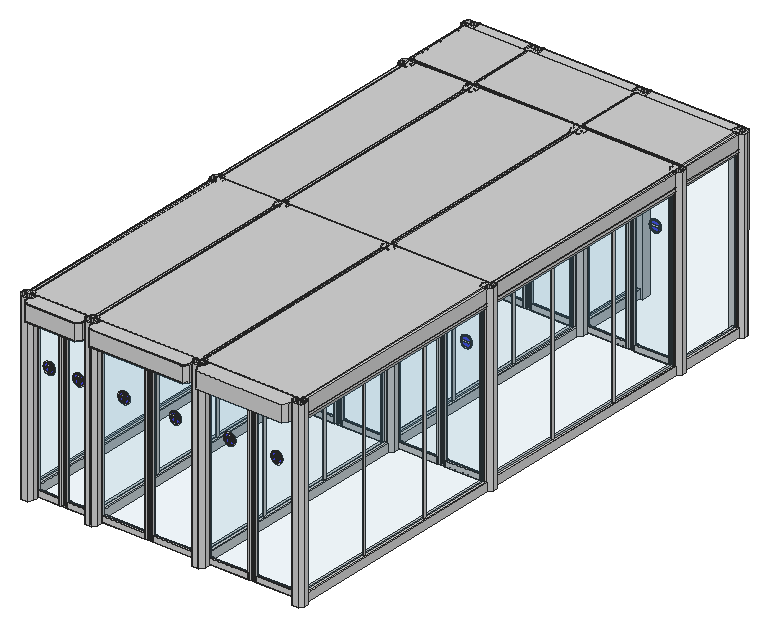
Revit family "assa_abloy_security_el_triple", category Doors, Revit 2026 (continued)
Dimensions and locks
  aligned and locked: nested 3 to plane 12
  aligned and locked: plane 4 "Top" to Sweep 2
  aligned and locked: plane 4 "Top" to cut or joined group of Sweep 11, Sweep 12, Extrusion 13  (x2)
  aligned and locked: Extrusion 15 sketch curve to nested 3
  aligned and locked: Extrusion 15 sketch curve to plane 8 "Center"
  aligned and locked: Extrusion 15 sketch curve to plane 26
  aligned and locked: Extrusion 25 sketch curve to Sweep 18  (x2)
  aligned and locked: plane 25 to Sweep 2  (x2)
  aligned and locked: nested 5 to plane 45
  aligned and locked: nested 4 to plane 46
  aligned and locked: Extrusion 19 to plane 40
  aligned and locked: plane 39 to Extrusion 19
  aligned and locked: plane 33 to Sweep 18
  aligned and locked: plane 24 to Sweep 22 sketch curve
  aligned and locked: plane 25 to Sweep 22 sketch curve
  aligned and locked: plane 33 to Sweep 22 sketch curve
  aligned and locked: plane 25 to Sweep 23 sketch curve
  aligned and locked: plane 33 to Sweep 23 sketch curve
  aligned and locked: plane 24 to Sweep 23 sketch curve
  aligned and locked: Extrusion 24 sketch curve to plane 8 "Center"
  aligned and locked: Extrusion 24 sketch curve to plane 4 "Top"
  aligned and locked: plane 44 to Extrusion 24 sketch curve
  aligned and locked: Extrusion 19 sketch curve to plane 40  (x3)
  aligned and locked: Extrusion 19 sketch curve to plane 39  (x3)
  aligned and locked: plane 25 to Extrusion 19 sketch curve
  aligned and locked: Extrusion 19 sketch curve to plane 20
  aligned and locked: Extrusion 19 sketch curve to plane 21
  aligned and locked: Extrusion 19 sketch curve to plane 22
  aligned and locked: Extrusion 19 sketch curve to plane 23
  aligned and locked: plane 17 to Extrusion 19 sketch curve
  aligned and locked: plane 40 to Extrusion 24
  aligned and locked: plane 14 to Extrusion 24
  aligned and locked: Extrusion 25 sketch curve to plane 32
  aligned and locked: plane 25 to Extrusion 25 sketch curve
  aligned and locked: Extrusion 25 sketch curve to plane 25
  aligned and locked: curve 170 to plane 47
  aligned and locked: Sweep 21 to plane 39  (x2)
  aligned and locked: Sweep 20 to plane 39
  aligned and locked: plane 40 to Extrusion 27 sketch curve
  aligned and locked: Extrusion 28 sketch curve to plane 48
  aligned and locked: Extrusion 26 sketch curve to plane 49
  aligned and locked: Extrusion 26 sketch curve to plane 50
  aligned and locked: plane 14 to Extrusion 27 sketch curve
  aligned and locked: Extrusion 28 sketch curve to plane 51
  aligned and locked: Sweep 29 to plane 38
  aligned and locked: nested 6 to plane 53
  aligned and locked: nested 7 to plane 52
  aligned and locked: plane 44 to Extrusion 35 sketch curve
  aligned and locked: Extrusion 35 sketch curve to plane 4 "Top"
  aligned and locked: Extrusion 35 sketch curve to plane 8 "Center"
  aligned and locked: cut or joined group of Sweep 11, Sweep 12, Extrusion 13 to plane 8 "Center"
  aligned and locked: plane 43 to Extrusion 35
  aligned and locked: Extrusion 35 to plane 39
  aligned and locked: Extrusion 14 sketch curve to Sweep 9
  aligned and locked: curve 171 to plane 47
  aligned and locked: plane 43 to Extrusion 38
  aligned and locked: Extrusion 38 to plane 39
  aligned and locked: plane 57 to Extrusion 36 sketch curve
  aligned and locked: plane 58 to Extrusion 38
  aligned and locked: plane 43 to Extrusion 37 sketch curve
  aligned and locked: Extrusion 37 sketch curve to plane 58
  aligned and locked: Extrusion 39 sketch curve to plane 62
  aligned and locked: Extrusion 39 sketch curve to plane 61
  aligned and locked: Extrusion 17 to plane 5 "PH"
  aligned and locked: plane 4 "Top" to Extrusion 15
  aligned and locked: Extrusion 25 to plane 5 "PH"
  aligned and locked: Extrusion 36 to plane 5 "PH"
  aligned and locked: Extrusion 24 to plane 4 "Top"
  aligned and locked: Extrusion 35 to plane 4 "Top"
  aligned and locked: plane 28 to Sweep 7
  aligned and locked: plane 28 to Sweep 5
  aligned and locked: Sweep 23 to plane 28
  aligned and locked: Sweep 34 to plane 28
  aligned and locked: Extrusion 26 to plane 4 "Top"
  aligned and locked: Extrusion 37 to plane 4 "Top"
  aligned and locked: plane 28 to Extrusion 30
  aligned and locked: plane 28 to Extrusion 19
  aligned and locked: Extrusion 28 to plane 5 "PH"
  aligned and locked: Extrusion 39 to plane 5 "PH"
  aligned and locked: plane 63 to Extrusion 17
  aligned and locked: plane 63 to Extrusion 28
  aligned and locked: plane 63 to Extrusion 39
  aligned and locked: Extrusion 15 to plane 64
  aligned and locked: Extrusion 26 to plane 64
  aligned and locked: Extrusion 37 to plane 64
  aligned and locked: Extrusion 27 to plane 5 "PH"
  aligned and locked: plane 4 "Top" to Extrusion 27
Automatic sketch dimensions
  Sweep 1 sketch curve to plane 4 "Top" = 0.00 mm
  plane 7 to Sweep 1 sketch curve = 0.00 mm
  Sweep 1 sketch curve to level = 0.00 mm
  Sweep 1 sketch curve to profile plane = 0.00 mm
  profile plane to Sweep 1 sketch curve = 2.30 mm
  profile plane to Sweep 1 sketch curve = 19.90 mm
  profile plane to Sweep 1 sketch curve = 36.52 mm
  Sweep 1 sketch curve to Sweep 1 sketch curve = 0.946 mm
  Sweep 1 sketch curve to Sweep 1 sketch curve = 22.75 mm
  Sweep 1 sketch curve to plane 8 "Center" = 17.45 mm
  profile plane to Sweep 1 sketch curve = 43.296 mm
  Sweep 1 sketch curve to Sweep 1 sketch curve = 16.93 mm
  Sweep 1 sketch curve to Sweep 1 sketch curve = 10.70 mm  (x2)
  Sweep 1 sketch curve to Sweep 1 sketch curve = 5.40 mm  (x2)
  Sweep 1 sketch curve to Sweep 1 sketch curve = 1.60 mm  (x2)
  Sweep 1 sketch curve to Sweep 1 sketch curve = 37.00 mm
  Sweep 1 sketch curve to Sweep 1 sketch curve = 5.00 mm  (x5)
  Sweep 1 sketch curve to Sweep 1 sketch curve = 8.50 mm
  Sweep 1 sketch curve to plane 8 "Center" = 7.95 mm
  Sweep 1 sketch curve to Sweep 1 sketch curve = 59.304 mm
  Sweep 1 sketch curve to Sweep 1 sketch curve = 3.40 mm
  Sweep 1 sketch curve to Sweep 1 sketch curve = 19.05 mm
  Sweep 1 sketch curve to Sweep 1 sketch curve = 20.752 mm
  Sweep 1 sketch curve to Sweep 1 sketch curve = 16.185 mm
  Sweep 1 sketch curve to Sweep 1 sketch curve = 0.746 mm
  Sweep 1 sketch curve to Sweep 1 sketch curve = 3.182 mm
  Sweep 1 sketch curve to Sweep 1 sketch curve = 22.95 mm
  Sweep 1 sketch curve to Sweep 1 sketch curve = 17.40 mm  (x2)
  plane 8 "Center" to Sweep 1 sketch curve = 20.298 mm
  Sweep 1 sketch curve to Sweep 1 sketch curve = 2.50 mm
  Sweep 1 sketch curve to Sweep 1 sketch curve = 2.79 mm
  plane 8 "Center" to Sweep 1 sketch curve = 20.296 mm
  Sweep 1 sketch curve to Sweep 1 sketch curve = 1.028 mm
  Sweep 1 sketch curve to Sweep 1 sketch curve = 17.674 mm
  Sweep 1 sketch curve to Sweep 1 sketch curve = 23.704 mm
  Sweep 1 sketch curve to Sweep 1 sketch curve = 9.50 mm  (x2)
  Sweep 1 sketch curve to Sweep 1 sketch curve = 21.303 mm  (x2)
  Sweep 1 sketch curve to Sweep 1 sketch curve = 1.754 mm  (x2)
  Sweep 1 sketch curve to Sweep 1 sketch curve = 1.746 mm  (x2)
  Sweep 1 sketch curve to Sweep 1 sketch curve = 36.56 mm
  Sweep 1 sketch curve to Sweep 1 sketch curve = 0.00 mm
  Sweep 1 sketch curve to Sweep 1 sketch curve = 13.70 mm  (x2)
  Sweep 1 sketch curve to Sweep 1 sketch curve = 8.103 mm  (x2)
  Sweep 1 sketch curve to Sweep 1 sketch curve = 15.00 mm
  Sweep 1 sketch curve to Sweep 1 sketch curve = 6.897 mm
  Sweep 2 sketch curve to plane 4 "Top" = 0.00 mm
  plane 6 to Sweep 2 sketch curve = 0.00 mm
  Sweep 2 sketch curve to level = 0.00 mm
  Extrusion 3 sketch curve to plane 11 = 0.00 mm  (x2)
  Extrusion 3 sketch curve to plane 12 = 0.00 mm  (x2)
  Extrusion 4 sketch curve to plane 13 = 0.00 mm  (x2)
  Extrusion 4 sketch curve to plane 14 = 0.00 mm  (x2)
  plane 19 to Sweep 5 sketch curve = 15.00 mm
  profile plane to Sweep 5 sketch curve = 88.45 mm
  Sweep 5 sketch curve to Sweep 5 sketch curve = 2.00 mm  (x3)
  plane 19 to Sweep 5 sketch curve = 1.00 mm
  Sweep 5 sketch curve to Sweep 5 sketch curve = 8.60 mm  (x2)
  Sweep 5 sketch curve to plane 19 = 1.00 mm
  Sweep 5 sketch curve to Sweep 5 sketch curve = 14.00 mm
  Sweep 5 sketch curve to Sweep 5 sketch curve = 0.00 mm  (x2)
  plane 18 to Sweep 6 sketch curve = 15.00 mm
  profile plane to Sweep 6 sketch curve = 88.45 mm
  Sweep 6 sketch curve to Sweep 6 sketch curve = 2.00 mm  (x3)
  plane 18 to Sweep 6 sketch curve = 1.00 mm
  Sweep 6 sketch curve to Sweep 6 sketch curve = 8.60 mm  (x2)
  Sweep 6 sketch curve to plane 18 = 1.00 mm
  Sweep 6 sketch curve to Sweep 6 sketch curve = 14.00 mm
  Sweep 6 sketch curve to Sweep 6 sketch curve = 0.00 mm  (x2)
  plane 19 to Sweep 7 sketch curve = 15.00 mm
  Sweep 7 sketch curve to profile plane = 75.85 mm
  Sweep 7 sketch curve to Sweep 7 sketch curve = 2.00 mm  (x3)
  plane 19 to Sweep 7 sketch curve = 1.00 mm
  Sweep 7 sketch curve to Sweep 7 sketch curve = 8.60 mm
  Sweep 7 sketch curve to Sweep 7 sketch curve = 0.00 mm  (x3)
  Sweep 7 sketch curve to plane 19 = 1.00 mm
  Sweep 7 sketch curve to Sweep 7 sketch curve = 14.00 mm
  plane 18 to Sweep 8 sketch curve = 15.00 mm
  Sweep 8 sketch curve to profile plane = 75.85 mm
  Sweep 8 sketch curve to Sweep 8 sketch curve = 2.00 mm  (x3)
  plane 18 to Sweep 8 sketch curve = 1.00 mm
  Sweep 8 sketch curve to Sweep 8 sketch curve = 8.60 mm
  Sweep 8 sketch curve to Sweep 8 sketch curve = 0.00 mm  (x3)
  Sweep 8 sketch curve to plane 18 = 1.00 mm
  Sweep 8 sketch curve to Sweep 8 sketch curve = 14.00 mm
  level to Sweep 9 sketch curve = 0.90 mm
  profile plane to Sweep 9 sketch curve = 124.65 mm
  Sweep 9 sketch curve to Sweep 9 sketch curve = 5.00 mm  (x2)
  Sweep 9 sketch curve to Sweep 9 sketch curve = 28.00 mm  (x2)
  Sweep 9 sketch curve to Sweep 9 sketch curve = 19.00 mm
  level to Sweep 9 sketch curve = 70.90 mm
  Sweep 9 sketch curve to Sweep 9 sketch curve = 35.00 mm  (x2)
  Sweep 10 sketch curve to plane 6 = 0.00 mm
  plane 24 to Sweep 10 sketch curve = 0.00 mm
  plane 25 to Sweep 10 sketch curve = 0.00 mm
  level to Sweep 10 sketch curve = 0.90 mm
  Sweep 10 sketch curve to profile plane = 39.65 mm
  Sweep 10 sketch curve to Sweep 10 sketch curve = 5.00 mm  (x2)
  Sweep 10 sketch curve to Sweep 10 sketch curve = 28.00 mm  (x2)
  Sweep 10 sketch curve to Sweep 10 sketch curve = 19.00 mm
  level to Sweep 10 sketch curve = 70.90 mm
  Sweep 10 sketch curve to Sweep 10 sketch curve = 35.00 mm  (x2)
  Sweep 11 sketch curve to plane 7 = 0.00 mm
  plane 25 to Sweep 11 sketch curve = 0.00 mm
  plane 24 to Sweep 11 sketch curve = 0.00 mm
  Sweep 11 sketch curve to Sweep 11 sketch curve = 0.00 mm  (x6)
  plane 5 "PH" to Sweep 11 sketch curve = 41.60 mm
  profile plane to Sweep 11 sketch curve = 121.15 mm
  Sweep 11 sketch curve to Sweep 11 sketch curve = 2.00 mm
  Sweep 11 sketch curve to Sweep 11 sketch curve = 3.00 mm  (x3)
  Sweep 11 sketch curve to Sweep 11 sketch curve = 3.50 mm
  Sweep 11 sketch curve to plane 5 "PH" = 28.70 mm
  Sweep 11 sketch curve to Sweep 11 sketch curve = 17.32 mm
  Sweep 11 sketch curve to Sweep 11 sketch curve = 11.68 mm  (x2)
  Sweep 11 sketch curve to Sweep 11 sketch curve = 14.00 mm
  Sweep 11 sketch curve to Sweep 11 sketch curve = 45.00 mm
  profile plane to Sweep 11 sketch curve = 46.15 mm
  plane 5 "PH" to Sweep 11 sketch curve = 1.30 mm  (x2)
  Sweep 11 sketch curve to Sweep 11 sketch curve = 20.82 mm
  Sweep 11 sketch curve to Sweep 11 sketch curve = 4.40 mm  (x3)
  Sweep 11 sketch curve to Sweep 11 sketch curve = 9.60 mm
  Sweep 11 sketch curve to Sweep 11 sketch curve = 1.00 mm
  Sweep 11 sketch curve to Sweep 11 sketch curve = 63.75 mm
  Sweep 11 sketch curve to Sweep 11 sketch curve = 37.00 mm
  Sweep 11 sketch curve to Sweep 11 sketch curve = 64.25 mm
  Sweep 12 sketch curve to plane 6 = 0.00 mm
  plane 25 to Sweep 12 sketch curve = 0.00 mm
  plane 24 to Sweep 12 sketch curve = 0.00 mm
  Sweep 12 sketch curve to Sweep 12 sketch curve = 0.00 mm  (x5)
  Sweep 12 sketch curve to profile plane = 43.15 mm
  Sweep 12 sketch curve to profile plane = 46.15 mm
  Sweep 12 sketch curve to plane 5 "PH" = 28.70 mm  (x2)
  Sweep 12 sketch curve to Sweep 12 sketch curve = 17.32 mm
  Sweep 12 sketch curve to profile plane = 71.15 mm
  Sweep 12 sketch curve to Sweep 12 sketch curve = 11.68 mm  (x2)
  Sweep 12 sketch curve to Sweep 12 sketch curve = 3.00 mm  (x2)
  Sweep 12 sketch curve to Sweep 12 sketch curve = 14.00 mm
  plane 5 "PH" to Sweep 12 sketch curve = 41.60 mm
  Sweep 12 sketch curve to Sweep 12 sketch curve = 26.50 mm
  Sweep 12 sketch curve to Sweep 12 sketch curve = 45.00 mm
  Sweep 12 sketch curve to Sweep 12 sketch curve = 3.50 mm
  Sweep 12 sketch curve to Sweep 12 sketch curve = 5.50 mm
  Sweep 12 sketch curve to Sweep 12 sketch curve = 2.00 mm
  Sweep 12 sketch curve to Sweep 12 sketch curve = 4.40 mm  (x2)
  Sweep 12 sketch curve to Sweep 12 sketch curve = 9.60 mm
  plane 5 "PH" to Sweep 12 sketch curve = 1.30 mm  (x2)
  Sweep 12 sketch curve to Sweep 12 sketch curve = 1.00 mm
  Sweep 12 sketch curve to Sweep 12 sketch curve = 63.75 mm
  Sweep 12 sketch curve to Sweep 12 sketch curve = 37.00 mm
  Sweep 12 sketch curve to Sweep 12 sketch curve = 64.25 mm
  plane 8 "Center" to Extrusion 14 sketch curve = 20.296 mm
  curve 1 to curve 14 = 8.103 mm
  curve 129 to curve 10 = 1.60 mm
  curve 18 to curve 168 = 3.13 mm
  curve 97 to curve 129 = 42.954 mm
  curve 169 to curve 1 = 3.13 mm
  curve 129 to curve 96 = 38.40 mm
  curve 98 to curve 130 = 0.00 mm
  curve 151 to curve 119 = 3.00 mm
  curve 99 to curve 103 = 5.40 mm
  curve 56 to curve 98 = 3.13 mm
  curve 130 to curve 100 = 42.954 mm
  curve 99 to curve 31 = 3.13 mm
  plane 11 to Extrusion 15 sketch curve = 1.875 mm
  Extrusion 15 sketch curve to plane 9 = 20.196 mm
  plane 29 to Extrusion 15 sketch curve = 1.875 mm
  plane 7 to Extrusion 15 sketch curve = 21.671 mm
  Extrusion 15 sketch curve to plane 30 = 15.421 mm
  Extrusion 15 sketch curve to plane 10 = 20.00 mm
  Extrusion 15 sketch curve to plane 31 = 0.024 mm
  plane 13 to Extrusion 15 sketch curve = 2.50 mm
  plane 31 to Extrusion 15 sketch curve = 5.601 mm
  plane 26 to Extrusion 16 sketch curve = 0.00 mm  (x2)
  plane 11 to Extrusion 16 sketch curve = 2.031 mm
  plane 7 to Extrusion 16 sketch curve = 20.371 mm
  plane 29 to Extrusion 16 sketch curve = 2.00 mm
  Extrusion 16 sketch curve to Extrusion 16 sketch curve = 0.828 mm  (x2)
  Extrusion 16 sketch curve to plane 30 = 15.05 mm
  Extrusion 16 sketch curve to Extrusion 16 sketch curve = 1.975 mm
  Extrusion 16 sketch curve to plane 31 = 0.599 mm
  plane 31 to Extrusion 16 sketch curve = 0.255 mm
  plane 31 to Extrusion 16 sketch curve = 4.301 mm
  Extrusion 16 sketch curve to Extrusion 16 sketch curve = 0.797 mm
  Extrusion 17 sketch curve to plane 9 = 14.602 mm
  Extrusion 17 sketch curve to plane 9 = 20.30 mm
  plane 11 to Extrusion 17 sketch curve = 10.00 mm
  plane 7 to Extrusion 17 sketch curve = 17.605 mm
  Extrusion 17 sketch curve to plane 30 = 16.561 mm
  Extrusion 17 sketch curve to plane 10 = 14.396 mm
  Extrusion 17 sketch curve to plane 10 = 20.093 mm
  plane 13 to Extrusion 17 sketch curve = 10.00 mm
  plane 31 to Extrusion 17 sketch curve = 1.741 mm
  plane 31 to Extrusion 17 sketch curve = 1.535 mm
  plane 29 to Extrusion 17 sketch curve = 10.00 mm
  plane 8 "Center" to Extrusion 17 sketch curve = 20.083 mm  (x2)
  Extrusion 17 sketch curve to Extrusion 17 sketch curve = 46.671 mm
  Extrusion 17 sketch curve to Extrusion 17 sketch curve = 48.341 mm
  Sweep 18 sketch curve to plane 4 "Top" = 0.00 mm
  Sweep 18 sketch curve to level = 0.00 mm
  plane 41 to Sweep 18 sketch curve = 979.00 mm
  Sweep 18 sketch curve to profile plane = 0.00 mm
  Sweep 18 sketch curve to profile plane = 2.30 mm
  Sweep 18 sketch curve to Sweep 18 sketch curve = 17.60 mm
  Sweep 18 sketch curve to profile plane = 36.52 mm
  Sweep 18 sketch curve to Sweep 18 sketch curve = 0.946 mm
  Sweep 18 sketch curve to Sweep 18 sketch curve = 22.75 mm
  Sweep 18 sketch curve to profile plane = 17.45 mm
  Sweep 18 sketch curve to profile plane = 43.296 mm
  Sweep 18 sketch curve to Sweep 18 sketch curve = 16.93 mm
  Sweep 18 sketch curve to Sweep 18 sketch curve = 10.70 mm  (x2)
  Sweep 18 sketch curve to Sweep 18 sketch curve = 5.40 mm
  Sweep 18 sketch curve to Sweep 18 sketch curve = 1.60 mm  (x2)
  Sweep 18 sketch curve to Sweep 18 sketch curve = 8.50 mm  (x2)
  Sweep 18 sketch curve to Sweep 18 sketch curve = 5.00 mm  (x5)
  Sweep 18 sketch curve to Sweep 18 sketch curve = 7.00 mm
  Sweep 18 sketch curve to profile plane = 7.95 mm
  Sweep 18 sketch curve to Sweep 18 sketch curve = 59.304 mm
  Sweep 18 sketch curve to Sweep 18 sketch curve = 3.40 mm
  Sweep 18 sketch curve to Sweep 18 sketch curve = 19.05 mm
  Sweep 18 sketch curve to Sweep 18 sketch curve = 20.752 mm
  Sweep 18 sketch curve to Sweep 18 sketch curve = 16.185 mm
  Sweep 18 sketch curve to Sweep 18 sketch curve = 0.746 mm
  Sweep 18 sketch curve to profile plane = 10.74 mm
  Sweep 18 sketch curve to Sweep 18 sketch curve = 3.182 mm
  Sweep 18 sketch curve to Sweep 18 sketch curve = 22.95 mm
  Sweep 18 sketch curve to Sweep 18 sketch curve = 17.40 mm  (x2)
  profile plane to Sweep 18 sketch curve = 21.326 mm
  Sweep 18 sketch curve to Sweep 18 sketch curve = 2.50 mm
  profile plane to Sweep 18 sketch curve = 20.296 mm
  Sweep 18 sketch curve to Sweep 18 sketch curve = 1.028 mm
  Sweep 18 sketch curve to Sweep 18 sketch curve = 17.674 mm
  Sweep 18 sketch curve to Sweep 18 sketch curve = 23.704 mm
  Sweep 18 sketch curve to Sweep 18 sketch curve = 9.50 mm  (x2)
  Sweep 18 sketch curve to Sweep 18 sketch curve = 21.303 mm  (x2)
  Sweep 18 sketch curve to Sweep 18 sketch curve = 1.754 mm  (x2)
  Sweep 18 sketch curve to Sweep 18 sketch curve = 1.746 mm  (x2)
  Sweep 18 sketch curve to Sweep 18 sketch curve = 36.56 mm
  Sweep 18 sketch curve to Sweep 18 sketch curve = 0.00 mm
  Sweep 18 sketch curve to Sweep 18 sketch curve = 13.70 mm  (x2)
  Sweep 18 sketch curve to Sweep 18 sketch curve = 8.103 mm  (x2)
  Sweep 18 sketch curve to Sweep 18 sketch curve = 15.00 mm
  Sweep 18 sketch curve to Sweep 18 sketch curve = 6.897 mm
  Sweep 20 sketch curve to plane 28 = 0.00 mm
  Sweep 20 sketch curve to plane 27 = 0.00 mm
  Sweep 20 sketch curve to plane 41 = 979.10 mm
  profile plane to Sweep 20 sketch curve = 15.00 mm
  Sweep 20 sketch curve to profile plane = 75.85 mm
  Sweep 20 sketch curve to Sweep 20 sketch curve = 2.00 mm  (x3)
  profile plane to Sweep 20 sketch curve = 1.00 mm
  Sweep 20 sketch curve to Sweep 20 sketch curve = 8.60 mm
  Sweep 20 sketch curve to Sweep 20 sketch curve = 0.00 mm  (x3)
  Sweep 20 sketch curve to profile plane = 1.00 mm
  Sweep 20 sketch curve to Sweep 20 sketch curve = 14.00 mm
  Sweep 21 sketch curve to plane 28 = 0.00 mm
  Sweep 21 sketch curve to plane 27 = 0.00 mm
  Sweep 21 sketch curve to plane 41 = 979.10 mm
  profile plane to Sweep 21 sketch curve = 15.00 mm
  Sweep 21 sketch curve to profile plane = 75.85 mm
  Sweep 21 sketch curve to Sweep 21 sketch curve = 2.00 mm  (x3)
  profile plane to Sweep 21 sketch curve = 1.00 mm
  Sweep 21 sketch curve to Sweep 21 sketch curve = 8.60 mm
  Sweep 21 sketch curve to Sweep 21 sketch curve = 0.00 mm  (x3)
  Sweep 21 sketch curve to profile plane = 1.00 mm
  Sweep 21 sketch curve to Sweep 21 sketch curve = 14.00 mm
  level to Sweep 22 sketch curve = 0.90 mm
  Sweep 22 sketch curve to profile plane = 39.65 mm
  Sweep 22 sketch curve to Sweep 22 sketch curve = 5.00 mm  (x2)
  Sweep 22 sketch curve to Sweep 22 sketch curve = 28.00 mm  (x2)
  Sweep 22 sketch curve to Sweep 22 sketch curve = 19.00 mm
  level to Sweep 22 sketch curve = 70.90 mm
  Sweep 22 sketch curve to Sweep 22 sketch curve = 35.00 mm  (x2)
  Sweep 23 sketch curve to Sweep 23 sketch curve = 0.00 mm  (x5)
  Sweep 23 sketch curve to profile plane = 43.15 mm
  Sweep 23 sketch curve to profile plane = 46.15 mm
  Sweep 23 sketch curve to plane 5 "PH" = 28.70 mm  (x2)
  Sweep 23 sketch curve to Sweep 23 sketch curve = 17.32 mm
  Sweep 23 sketch curve to profile plane = 71.15 mm
  Sweep 23 sketch curve to Sweep 23 sketch curve = 11.68 mm  (x2)
  Sweep 23 sketch curve to Sweep 23 sketch curve = 3.00 mm  (x2)
  Sweep 23 sketch curve to Sweep 23 sketch curve = 14.00 mm
  plane 5 "PH" to Sweep 23 sketch curve = 41.60 mm
  Sweep 23 sketch curve to Sweep 23 sketch curve = 26.50 mm
  Sweep 23 sketch curve to Sweep 23 sketch curve = 45.00 mm
  Sweep 23 sketch curve to Sweep 23 sketch curve = 3.50 mm
  Sweep 23 sketch curve to Sweep 23 sketch curve = 5.50 mm
  Sweep 23 sketch curve to Sweep 23 sketch curve = 2.00 mm
  Sweep 23 sketch curve to Sweep 23 sketch curve = 4.40 mm  (x2)
  Sweep 23 sketch curve to Sweep 23 sketch curve = 9.60 mm
  plane 5 "PH" to Sweep 23 sketch curve = 1.30 mm  (x2)
  Sweep 23 sketch curve to Sweep 23 sketch curve = 1.00 mm
  Sweep 23 sketch curve to Sweep 23 sketch curve = 63.75 mm
  Sweep 23 sketch curve to Sweep 23 sketch curve = 37.00 mm
  Sweep 23 sketch curve to Sweep 23 sketch curve = 64.25 mm
  Extrusion 25 sketch curve to Extrusion 25 sketch curve = 48.507 mm
  Extrusion 26 sketch curve to plane 26 = 180.989 mm
  Extrusion 26 sketch curve to plane 25 = 146.21 mm  (x2)
  Extrusion 26 sketch curve to Extrusion 26 sketch curve = 32.879 mm
  Extrusion 26 sketch curve to plane 31 = 92.245 mm
  Extrusion 26 sketch curve to Extrusion 26 sketch curve = 97.846 mm
  Extrusion 26 sketch curve to Extrusion 26 sketch curve = 59.771 mm
  Extrusion 26 sketch curve to plane 26 = 186.614 mm
  Extrusion 26 sketch curve to Extrusion 26 sketch curve = 92.221 mm
  Extrusion 26 sketch curve to Extrusion 26 sketch curve = 17.45 mm
  Extrusion 27 sketch curve to plane 26 = 182.089 mm
  Extrusion 27 sketch curve to plane 26 = 181.492 mm
  Extrusion 27 sketch curve to Extrusion 27 sketch curve = 2.231 mm
  Extrusion 27 sketch curve to plane 31 = 94.12 mm
  Extrusion 27 sketch curve to Extrusion 27 sketch curve = 96.39 mm
  Extrusion 27 sketch curve to plane 31 = 92.12 mm
  Extrusion 27 sketch curve to Extrusion 27 sketch curve = 0.828 mm  (x2)
  Extrusion 27 sketch curve to plane 25 = 146.21 mm  (x2)
  Extrusion 27 sketch curve to Extrusion 27 sketch curve = 92.375 mm
  Extrusion 27 sketch curve to Extrusion 27 sketch curve = 2.075 mm
  Extrusion 27 sketch curve to plane 26 = 187.089 mm
  Extrusion 27 sketch curve to Extrusion 27 sketch curve = 0.753 mm
  Extrusion 28 sketch curve to plane 26 = 185.056 mm
  Extrusion 28 sketch curve to plane 25 = 146.21 mm  (x2)
  Extrusion 28 sketch curve to Extrusion 28 sketch curve = 24.65 mm
  plane 25 to Extrusion 28 sketch curve = 0.00 mm
  Extrusion 28 sketch curve to Extrusion 28 sketch curve = 5.698 mm
  Extrusion 28 sketch curve to Extrusion 28 sketch curve = 43.40 mm
  Extrusion 28 sketch curve to plane 31 = 84.12 mm
  Extrusion 28 sketch curve to Extrusion 28 sketch curve = 85.655 mm
  Extrusion 28 sketch curve to plane 25 = 108.677 mm  (x2)
  Extrusion 28 sketch curve to Extrusion 28 sketch curve = 16.561 mm
  Extrusion 28 sketch curve to Extrusion 28 sketch curve = 38.746 mm
  Extrusion 28 sketch curve to Extrusion 28 sketch curve = 44.443 mm
  Extrusion 28 sketch curve to Extrusion 28 sketch curve = 24.857 mm
  Extrusion 28 sketch curve to plane 26 = 184.85 mm
  Extrusion 28 sketch curve to Extrusion 28 sketch curve = 46.671 mm
  Extrusion 28 sketch curve to Extrusion 28 sketch curve = 48.341 mm
  Sweep 29 sketch curve to plane 4 "Top" = 0.00 mm
  Sweep 29 sketch curve to level = 0.00 mm
  plane 41 to Sweep 29 sketch curve = 164.50 mm
  Sweep 29 sketch curve to profile plane = 0.00 mm
  Sweep 29 sketch curve to profile plane = 2.30 mm
  Sweep 29 sketch curve to Sweep 29 sketch curve = 17.60 mm
  Sweep 29 sketch curve to profile plane = 36.52 mm
  Sweep 29 sketch curve to Sweep 29 sketch curve = 0.946 mm
  Sweep 29 sketch curve to Sweep 29 sketch curve = 22.75 mm
  Sweep 29 sketch curve to profile plane = 17.45 mm
  Sweep 29 sketch curve to profile plane = 43.296 mm
  Sweep 29 sketch curve to Sweep 29 sketch curve = 16.93 mm
  Sweep 29 sketch curve to Sweep 29 sketch curve = 10.70 mm  (x2)
  Sweep 29 sketch curve to Sweep 29 sketch curve = 5.40 mm
  Sweep 29 sketch curve to Sweep 29 sketch curve = 1.60 mm  (x2)
  Sweep 29 sketch curve to Sweep 29 sketch curve = 8.50 mm  (x2)
  Sweep 29 sketch curve to Sweep 29 sketch curve = 5.00 mm  (x5)
  Sweep 29 sketch curve to Sweep 29 sketch curve = 7.00 mm
  Sweep 29 sketch curve to profile plane = 7.95 mm
  Sweep 29 sketch curve to Sweep 29 sketch curve = 59.304 mm
  Sweep 29 sketch curve to Sweep 29 sketch curve = 3.40 mm
  Sweep 29 sketch curve to Sweep 29 sketch curve = 19.05 mm
  Sweep 29 sketch curve to Sweep 29 sketch curve = 20.752 mm
  Sweep 29 sketch curve to Sweep 29 sketch curve = 16.185 mm
  Sweep 29 sketch curve to Sweep 29 sketch curve = 0.746 mm
  Sweep 29 sketch curve to profile plane = 10.74 mm
  Sweep 29 sketch curve to Sweep 29 sketch curve = 3.182 mm
  Sweep 29 sketch curve to Sweep 29 sketch curve = 22.95 mm
  Sweep 29 sketch curve to Sweep 29 sketch curve = 17.40 mm  (x2)
  profile plane to Sweep 29 sketch curve = 21.326 mm
  Sweep 29 sketch curve to Sweep 29 sketch curve = 2.50 mm
  profile plane to Sweep 29 sketch curve = 20.296 mm
  Sweep 29 sketch curve to Sweep 29 sketch curve = 1.028 mm
  Sweep 29 sketch curve to Sweep 29 sketch curve = 17.674 mm
  Sweep 29 sketch curve to Sweep 29 sketch curve = 23.704 mm
  Sweep 29 sketch curve to Sweep 29 sketch curve = 9.50 mm  (x2)
  Sweep 29 sketch curve to Sweep 29 sketch curve = 21.303 mm  (x2)
  Sweep 29 sketch curve to Sweep 29 sketch curve = 1.754 mm  (x2)
  Sweep 29 sketch curve to Sweep 29 sketch curve = 1.746 mm  (x2)
  Sweep 29 sketch curve to Sweep 29 sketch curve = 36.56 mm
  Sweep 29 sketch curve to Sweep 29 sketch curve = 0.00 mm
  Sweep 29 sketch curve to Sweep 29 sketch curve = 13.70 mm  (x2)
  Sweep 29 sketch curve to Sweep 29 sketch curve = 8.103 mm  (x2)
  Sweep 29 sketch curve to Sweep 29 sketch curve = 15.00 mm
  Sweep 29 sketch curve to Sweep 29 sketch curve = 6.897 mm
  plane 20 to Extrusion 30 sketch curve = 952.637 mm
  plane 41 to Extrusion 30 sketch curve = 86.45 mm
  plane 44 to Extrusion 30 sketch curve = 29.648 mm
  Extrusion 30 sketch curve to Extrusion 30 sketch curve = 0.00 mm  (x3)
  Extrusion 30 sketch curve to Extrusion 30 sketch curve = 8.20 mm  (x2)
  plane 24 to Extrusion 30 sketch curve = 944.537 mm
  Extrusion 30 sketch curve to Extrusion 30 sketch curve = 8.00 mm  (x2)
  plane 22 to Extrusion 30 sketch curve = 948.637 mm
  Sweep 31 sketch curve to plane 28 = 0.00 mm
  Sweep 31 sketch curve to plane 27 = 0.00 mm
  Sweep 31 sketch curve to plane 41 = 164.50 mm
  profile plane to Sweep 31 sketch curve = 15.00 mm
  Sweep 31 sketch curve to profile plane = 75.85 mm
  Sweep 31 sketch curve to Sweep 31 sketch curve = 2.00 mm  (x3)
  profile plane to Sweep 31 sketch curve = 1.00 mm
  Sweep 31 sketch curve to Sweep 31 sketch curve = 8.60 mm
  Sweep 31 sketch curve to Sweep 31 sketch curve = 0.00 mm  (x3)
  Sweep 31 sketch curve to profile plane = 1.00 mm
  Sweep 31 sketch curve to Sweep 31 sketch curve = 14.00 mm
  Sweep 32 sketch curve to plane 28 = 0.00 mm
  Sweep 32 sketch curve to plane 27 = 0.00 mm
  Sweep 32 sketch curve to plane 41 = 164.50 mm
  profile plane to Sweep 32 sketch curve = 15.00 mm
  Sweep 32 sketch curve to profile plane = 75.85 mm
  Sweep 32 sketch curve to Sweep 32 sketch curve = 2.00 mm  (x3)
  profile plane to Sweep 32 sketch curve = 1.00 mm
  Sweep 32 sketch curve to Sweep 32 sketch curve = 8.60 mm
  Sweep 32 sketch curve to Sweep 32 sketch curve = 0.00 mm  (x3)
  Sweep 32 sketch curve to profile plane = 1.00 mm
  Sweep 32 sketch curve to Sweep 32 sketch curve = 14.00 mm
  plane 20 to Sweep 33 sketch curve = 944.537 mm
  plane 41 to Sweep 33 sketch curve = 164.50 mm
  plane 44 to Sweep 33 sketch curve = 37.748 mm
  level to Sweep 33 sketch curve = 0.90 mm
  Sweep 33 sketch curve to profile plane = 39.65 mm
  Sweep 33 sketch curve to Sweep 33 sketch curve = 5.00 mm  (x2)
  Sweep 33 sketch curve to Sweep 33 sketch curve = 28.00 mm  (x2)
  Sweep 33 sketch curve to Sweep 33 sketch curve = 19.00 mm
  level to Sweep 33 sketch curve = 70.90 mm
  Sweep 33 sketch curve to Sweep 33 sketch curve = 35.00 mm  (x2)
  plane 20 to Sweep 34 sketch curve = 944.537 mm
  plane 41 to Sweep 34 sketch curve = 164.50 mm
  plane 44 to Sweep 34 sketch curve = 37.748 mm
  Sweep 34 sketch curve to Sweep 34 sketch curve = 0.00 mm  (x5)
  Sweep 34 sketch curve to profile plane = 43.15 mm
  Sweep 34 sketch curve to profile plane = 46.15 mm
  Sweep 34 sketch curve to plane 5 "PH" = 28.70 mm  (x2)
  Sweep 34 sketch curve to Sweep 34 sketch curve = 17.32 mm
  Sweep 34 sketch curve to profile plane = 71.15 mm
  Sweep 34 sketch curve to Sweep 34 sketch curve = 11.68 mm  (x2)
  Sweep 34 sketch curve to Sweep 34 sketch curve = 3.00 mm  (x2)
  Sweep 34 sketch curve to Sweep 34 sketch curve = 14.00 mm
  plane 5 "PH" to Sweep 34 sketch curve = 41.60 mm
  Sweep 34 sketch curve to Sweep 34 sketch curve = 26.50 mm
  Sweep 34 sketch curve to Sweep 34 sketch curve = 45.00 mm
  Sweep 34 sketch curve to Sweep 34 sketch curve = 3.50 mm
  Sweep 34 sketch curve to Sweep 34 sketch curve = 5.50 mm
  Sweep 34 sketch curve to Sweep 34 sketch curve = 2.00 mm
  Sweep 34 sketch curve to Sweep 34 sketch curve = 4.40 mm  (x2)
  Sweep 34 sketch curve to Sweep 34 sketch curve = 9.60 mm
  plane 5 "PH" to Sweep 34 sketch curve = 1.30 mm  (x2)
  Sweep 34 sketch curve to Sweep 34 sketch curve = 1.00 mm
  Sweep 34 sketch curve to Sweep 34 sketch curve = 63.75 mm
  Sweep 34 sketch curve to Sweep 34 sketch curve = 37.00 mm
  Sweep 34 sketch curve to Sweep 34 sketch curve = 64.25 mm
  Extrusion 36 sketch curve to Extrusion 36 sketch curve = 48.507 mm  (x2)
  Extrusion 37 sketch curve to plane 25 = 327.356 mm
  Extrusion 37 sketch curve to Extrusion 37 sketch curve = 32.722 mm
  Extrusion 37 sketch curve to Extrusion 37 sketch curve = 97.69 mm
  Extrusion 37 sketch curve to plane 25 = 425.046 mm
  Extrusion 37 sketch curve to Extrusion 37 sketch curve = 59.771 mm
  Extrusion 37 sketch curve to plane 25 = 330.224 mm
  Extrusion 37 sketch curve to Extrusion 37 sketch curve = 94.821 mm
  Extrusion 37 sketch curve to Extrusion 37 sketch curve = 184.014 mm
  Extrusion 37 sketch curve to Extrusion 37 sketch curve = 181.146 mm
  Extrusion 37 sketch curve to Extrusion 37 sketch curve = 17.45 mm
  Extrusion 38 sketch curve to plane 25 = 328.399 mm
  Extrusion 38 sketch curve to plane 41 = 892.65 mm
  Extrusion 38 sketch curve to plane 25 = 327.702 mm
  Extrusion 38 sketch curve to Extrusion 38 sketch curve = 2.131 mm
  Extrusion 38 sketch curve to Extrusion 38 sketch curve = 96.39 mm
  Extrusion 38 sketch curve to plane 25 = 424.921 mm
  Extrusion 38 sketch curve to Extrusion 38 sketch curve = 0.828 mm  (x2)
  Extrusion 38 sketch curve to Extrusion 38 sketch curve = 612.50 mm
  Extrusion 38 sketch curve to plane 25 = 426.921 mm
  Extrusion 38 sketch curve to Extrusion 38 sketch curve = 92.375 mm
  Extrusion 38 sketch curve to Extrusion 38 sketch curve = 2.075 mm
  Extrusion 38 sketch curve to Extrusion 38 sketch curve = 91.621 mm
  Extrusion 38 sketch curve to Extrusion 38 sketch curve = 0.753 mm
  Extrusion 38 sketch curve to Extrusion 38 sketch curve = 181.492 mm
  Extrusion 38 sketch curve to Extrusion 38 sketch curve = 186.336 mm
  Extrusion 39 sketch curve to plane 25 = 337.888 mm
  Extrusion 39 sketch curve to Extrusion 39 sketch curve = 18.029 mm
  Extrusion 39 sketch curve to plane 20 = 944.537 mm
  Extrusion 39 sketch curve to Extrusion 39 sketch curve = 5.698 mm
  Extrusion 39 sketch curve to Extrusion 39 sketch curve = 43.40 mm
  Extrusion 39 sketch curve to plane 25 = 416.921 mm
  Extrusion 39 sketch curve to Extrusion 39 sketch curve = 79.033 mm
  Extrusion 39 sketch curve to Extrusion 39 sketch curve = 16.561 mm
  Extrusion 39 sketch curve to Extrusion 39 sketch curve = 38.746 mm
  Extrusion 39 sketch curve to Extrusion 39 sketch curve = 44.443 mm
  Extrusion 39 sketch curve to Extrusion 39 sketch curve = 24.857 mm
  Extrusion 39 sketch curve to Extrusion 39 sketch curve = 85.861 mm
  Extrusion 39 sketch curve to Extrusion 39 sketch curve = 146.21 mm  (x2)
  Extrusion 39 sketch curve to Extrusion 39 sketch curve = 37.533 mm  (x2)
  Extrusion 39 sketch curve to Extrusion 39 sketch curve = 46.671 mm
  Extrusion 39 sketch curve to Extrusion 39 sketch curve = 48.341 mm
  Extrusion 25 sketch curve to Extrusion 25 sketch curve = 5.685 mm  (x2)
  Extrusion 25 sketch curve to Extrusion 25 sketch curve = 59.957 mm
  Extrusion 36 sketch curve to Extrusion 36 sketch curve = 59.957 mm
  curve 129 to curve 87 = 8.50 mm
  Sweep 2 sketch curve to profile plane = 0.00 mm
  Sweep 2 sketch curve to profile plane = 2.30 mm
  Sweep 2 sketch curve to Sweep 2 sketch curve = 17.60 mm
  Sweep 2 sketch curve to profile plane = 36.52 mm
  Sweep 2 sketch curve to Sweep 2 sketch curve = 0.946 mm
  Sweep 2 sketch curve to Sweep 2 sketch curve = 22.75 mm
  Sweep 2 sketch curve to Sweep 2 sketch curve = 0.646 mm  (x2)
  Sweep 2 sketch curve to Sweep 2 sketch curve = 16.93 mm
  Sweep 2 sketch curve to Sweep 2 sketch curve = 10.70 mm  (x2)
  Sweep 2 sketch curve to Sweep 2 sketch curve = 5.40 mm
  Sweep 2 sketch curve to Sweep 2 sketch curve = 1.60 mm  (x2)
  Sweep 2 sketch curve to Sweep 2 sketch curve = 8.50 mm  (x2)
  Sweep 2 sketch curve to Sweep 2 sketch curve = 5.00 mm  (x2)
  Sweep 2 sketch curve to Sweep 2 sketch curve = 7.00 mm
  plane 8 "Center" to Sweep 2 sketch curve = 20.296 mm  (x2)
  Sweep 2 sketch curve to Sweep 2 sketch curve = 36.354 mm
  Sweep 2 sketch curve to Sweep 2 sketch curve = 16.185 mm
  Sweep 2 sketch curve to Sweep 2 sketch curve = 0.746 mm
  Sweep 2 sketch curve to Sweep 2 sketch curve = 22.95 mm
  Sweep 2 sketch curve to Sweep 2 sketch curve = 17.40 mm
  Sweep 2 sketch curve to Sweep 2 sketch curve = 23.704 mm  (x2)
  Sweep 2 sketch curve to Sweep 2 sketch curve = 9.50 mm
  Sweep 2 sketch curve to Sweep 2 sketch curve = 0.00 mm  (x2)
  Sweep 2 sketch curve to Sweep 2 sketch curve = 21.303 mm  (x2)
  Sweep 2 sketch curve to Sweep 2 sketch curve = 1.754 mm  (x2)
  Sweep 2 sketch curve to Sweep 2 sketch curve = 1.746 mm  (x2)
  Sweep 2 sketch curve to Sweep 2 sketch curve = 36.56 mm
  Sweep 2 sketch curve to Sweep 2 sketch curve = 13.70 mm  (x2)
  Sweep 2 sketch curve to Sweep 2 sketch curve = 10.00 mm  (x2)
  Sweep 2 sketch curve to Sweep 2 sketch curve = 8.103 mm  (x2)
  Sweep 2 sketch curve to Sweep 2 sketch curve = 15.00 mm  (x2)
  Sweep 2 sketch curve to plane 8 "Center" = 17.45 mm
  Sweep 2 sketch curve to Sweep 2 sketch curve = 2.50 mm
  plane 4 "Top" to Extrusion 24 sketch curve = 4.531 mm
  plane 4 "Top" to Extrusion 35 sketch curve = 4.531 mm
  plane 4 "Top" to Extrusion 13 sketch curve = 4.531 mm
  Extrusion 13 sketch curve to plane 4 "Top" = 0.00 mm
  plane 25 to Extrusion 36 sketch curve = 0.00 mm  (x2)
  Extrusion 36 sketch curve to plane 35 = 0.00 mm
  Extrusion 36 sketch curve to plane 38 = 0.00 mm
  curve 93 to curve 130 = 2.55 mm
  curve 95 to curve 130 = 8.50 mm
  curve 130 to curve 94 = 16.70 mm
  Extrusion 25 sketch curve to plane 44 = 0.001 mm
  curve 87 to curve 129 = 2.551 mm
  curve 88 to curve 129 = 16.70 mm
  Extrusion 36 sketch curve to plane 56 = 0.00 mm
  Extrusion 36 sketch curve to plane 44 = 0.001 mm
  Extrusion 36 sketch curve to plane 55 = 0.00 mm
  Extrusion 36 sketch curve to Extrusion 36 sketch curve = 5.685 mm
  Extrusion 25 sketch curve to plane 45 = 14.165 mm
  Extrusion 14 sketch curve to plane 44 = 5.001 mm
  curve 101 to curve 130 = 38.40 mm
  plane 1 "Entry" to curve 129 = 0.00 mm
  plane 1 "Entry" to curve 130 = 0.00 mm
  plane 26 to curve 171 = 0.00 mm
  plane 26 to curve 129 = 0.00 mm
  plane 26 to curve 130 = 0.00 mm
  curve 171 to curve 129 = 362.634 mm
  curve 170 to curve 171 = 575.561 mm
Nested families
  nested 1: "Panel" at (-573.1, 2999.92, 0), PanelWidth <- "PanelWidth", type "Left Exit"
    with PanelWidth 573.10 mm
  nested 2: "Panel" at (573.1, 2999.92, 0) x (-1, 0, 0) z (0, 0, 1), PanelWidth <- "PanelWidth", type "Right Exit"
    with PanelWidth 573.10 mm
  nested 3: "Advance" at (0, 3017.37, 0), visible <- "Advance", 2Row <- "Row2", 3Row <- "Row3", type "Advance"
    with 3Row yes, 2RowPoll no, 2Row yes, 1Row no, ThirdPassageWidth 650.00 mm, SecondPassageWidth 1200.00 mm, PassageWidth 1100.00 mm, Length 853.79 mm
  nested 4: "Panel" at (-1937.7, 2999.92, 0), visible <- "Row2", PanelWidth <- "PanelWidth2", type "Left Exit"
    with PanelWidth 623.10 mm
  nested 5: "Panel" at (-691.2, 2999.92, 0) x (-1, 0, 0) z (0, 0, 1), visible <- "Row2", PanelWidth <- "PanelWidth2", type "Right Exit"
    with PanelWidth 623.10 mm
  nested 6: "Panel" at (-2752.2, 2999.92, 0), visible <- "Row3", PanelWidth <- "PanelWidth3", type "Left Exit"
    with PanelWidth 348.10 mm
  nested 7: "Panel" at (-2055.8, 2999.92, 0) x (-1, 0, 0) z (0, 0, 1), visible <- "Row3", PanelWidth <- "PanelWidth3", type "Right Exit"
    with PanelWidth 348.10 mm
  nested 8: "PartTriple" at (0, -2999.97, 0), type "Schipol configuration"
    with SecondPassageWidth 1200.00 mm, Second Passage Width Input 4, PassageWidth 1100.00 mm, Passage Width Input 3, PanelWidth2 623.10 mm, PanelWidth 573.10 mm
Definition of nested family "Panel"
  Parameters (values of type "Left Entry")
    Width = 0.00 mm
    URL = ""
    Type Comments = ""
    Thickness = 0.00 mm
    Rubber = none
    Rough Width = 0.00 mm
    Rough Height = 0.00 mm
    RightPanel = no
    PassageHeight = 2100.00 mm
    PanelWidth [instance] = 273.10 mm
    PanelGlass = none
    Operation = "Automatic"
    OpeningRotationAngle = 0.00°
    Model = ""
    Manufacturer = ""
    LeftPanel = not(RightPanel)  # yes
    Keynote = ""
    Height = 0.00 mm
    Function = (empty or 0)
    Frames = none
    Exit = no
    Entry = yes
    Description = ""
    Default Elevation = 1219.20 mm
    Cost = 0
    Construction Type = ""
    Assembly Code = ""
    Analytic Construction = "<None>"
  Types (4, lengths in mm): name | RightPanel | LeftPanel | Exit | Entry
    Left Entry | no | yes | no | yes
    Left Exit | no | yes | yes | no
    Right Exit | yes | no | yes | no
    Right Entry | yes | no | no | yes
  Reference planes
    plane 1 "Center (Front/Back)": y = 0
    plane 2: z = 0
    plane 3 "Center (Left/Right)": x = 0
    plane 4 "Top": z = 2100
    plane 5: z = 2093
    plane 6: z = 20
    plane 7 "Exit": y = 8
    plane 8: z = 2064
    plane 9: z = 49
  Forms (mm)
    Sweep 1, solid, material <- "Frames"
      path origin (0, 0, 0) x (1, 0, 0) y (0, 0, 1)
        loop
          line (0, 2100) -> (0, 0)
      profile origin (0, 0, 1050) x (0, -1, 0) y (1, 0, 0)
        loop
          arc (-15, 13.229) -> (0, -20) -> (15, 13.229) r 20
          line (15, 13.229) -> (15, 23) -> (2, 23) -> (2, 11.4) -> (-12, 11.4) -> (-12, 23) -> (-15, 23) -> (-15, 13.229)
    Sweep 2, solid, material <- "Frames", visible <- "LeftPanel"
      path origin (0, 0, 0) x (1, 0, 0) y (0, 0, 1)
        loop
          line (273.1, 2093) -> (273.1, 20)
      profile origin (273.1, 0, 1056.5) x (0, -1, 0) y (1, 0, 0)
        loop
          line (-12, -39.05) -> (1.998, -39.05) -> (1.998, -50.643) -> (14.998, -50.643) -> (14.998, -35.65) -> (11.459, -13.245) -> (4, -7.655) -> (4, 7.349) -> (-4.002, 7.349) -> (-4.002, -7.655) -> (-11.461, -13.245) -> (-15.001, -35.65) -> (-15.001, -50.643) -> (-12, -50.643) -> (-12, -39.05)
    Sweep 3, solid, material <- "Frames"
      path origin (0, 0, 0) x (1, 0, 0) y (0, 1, 0)
        loop
          line (222.457, 0) -> (23, 0)
      profile origin (122.728, 0, 0) x (0, -1, 0) y (0, 0, 1)
        loop
          line (-15, 90) -> (-15, 20) -> (-12, 20) -> (-12, 33) -> (12, 33) -> (12, 20) -> (15, 20) -> (15, 90) -> (2, 90) -> (2, 45.4) -> (-12, 45.4) -> (-12, 90) -> (-15, 90)
    Sweep 4, solid, material <- "Rubber"
      path origin (0, 0, 0) x (1, 0, 0) y (0, 1, 0)
        loop
          line (222.457, 0) -> (33.008, 0)
      profile origin (127.733, 0, 0) x (0, -1, 0) y (0, 0, 1)
        loop
          line (-12, 20) -> (-1.235, 20) -> (-0.472, 7) -> (0.472, 7) -> (1.235, 20) -> (12, 20) -> (12, 30.5) -> (0, 30.5) -> (-12, 30.5) -> (-12, 20)
    Sweep 5, solid, material <- "Frames"
      path origin (0, 0, 2100) x (0, -1, 0) y (1, 0, 0)
        loop
          line (0, 222.457) -> (0, 23)
      profile origin (122.728, 0, 2100) x (0, -1, 0) y (0, 0, 1)
        loop
          line (-15, -77) -> (-12, -77) -> (-12, -32.4) -> (2, -32.4) -> (2, -77) -> (15, -77) -> (15, -7) -> (12, -7) -> (12, -20) -> (-12, -20) -> (-12, -7) -> (-15, -7) -> (-15, -77)
    Extrusion 6, solid, material <- "PanelGlass"
      sketch origin (0, 0, 0) x (1, 0, 0) y (0, 1, 0)
        loop
          line (230.45, 0) -> (230.45, 8) -> (15, 8) -> (15, 0) -> (230.45, 0)
      from 49 to 2064
    Sweep 7, solid, visible <- "Entry"
      path origin (0, 0, 0) x (1, 0, 0) y (0, 1, 0)
        loop
          line (122.728, 0) -> (122.728, -1.002)
      profile origin (122.728, -0.501, 0) x (1, 0, 0) y (0, 0, 1)
        loop
          circle (0, 1520) r 75
        loop
          circle (0, 1520) r 65
        loop
          line (10, 1465) -> (10, 1543.636) -> (40, 1507.883) -> (40, 1527.33) -> (0, 1575) -> (-40, 1527.33) -> (-40, 1507.883) -> (-10, 1543.636) -> (-10, 1465) -> (10, 1465)
    Sweep 8, solid, visible <- "Exit"
      path origin (0, 0, 0) x (1, 0, 0) y (0, 1, 0)
        loop
          line (122.728, 9) -> (122.728, 8)
      profile origin (122.728, 8.5, 0) x (1, 0, 0) y (0, 0, 1)
        loop
          circle (0, 1520) r 75
        loop
          circle (0, 1520) r 65
        loop
          line (55, 1530) -> (-55, 1530) -> (-55, 1510) -> (55, 1510) -> (55, 1530)
    Sweep 9, solid, visible <- "Entry"
      path origin (0, 0, 0) x (1, 0, 0) y (0, 1, 0)
        loop
          line (122.728, 0) -> (122.728, -1.002)
      profile origin (122.728, -0.501, 0) x (1, 0, 0) y (0, 0, 1)
        loop
          circle (0, 1520) r 65
        loop
          line (10, 1465) -> (10, 1543.636) -> (40, 1507.883) -> (40, 1527.33) -> (0, 1575) -> (-40, 1527.33) -> (-40, 1507.883) -> (-10, 1543.636) -> (-10, 1465) -> (10, 1465)
    Sweep 10, solid, visible <- "Exit"
      path origin (0, 0, 0) x (1, 0, 0) y (0, 1, 0)
        loop
          line (122.728, 9) -> (122.728, 8)
      profile origin (122.728, 8.5, 0) x (1, 0, 0) y (0, 0, 1)
        loop
          circle (0, 1520) r 65
        loop
          line (55, 1530) -> (-55, 1530) -> (-55, 1510) -> (55, 1510) -> (55, 1530)
    Sweep 11, solid, material <- "Frames", visible <- "RightPanel"
      path origin (0, 0, 0) x (1, 0, 0) y (0, 0, 1)
        loop
          line (273.1, 2093) -> (273.1, 20)
      profile origin (273.1, 0, 1056.5) x (0, -1, 0) y (1, 0, 0)
        loop
          line (-12.001, -39.05) -> (1.998, -39.05) -> (1.998, -50.643) -> (14.998, -50.643) -> (14.998, -35.65) -> (11.997, -16.65) -> (11.997, -2.65)
          arc (11.997, -2.65) -> (9.768, 2.472) -> (4.5, 4.332) r 7
          line (4.5, 4.332) -> (4.5, -14.15) -> (-4.5, -14.15) -> (-4.5, 4.332)
          arc (-4.5, 4.332) -> (-9.769, 2.473) -> (-11.999, -2.65) r 7
          line (-11.999, -2.65) -> (-11.999, -16.65) -> (-15.001, -35.65) -> (-15.001, -50.643) -> (-12.001, -50.643) -> (-12.001, -39.05)
  Lines and regions (mm)
    Masking region 1
      outline origin (0, 0, 0) x (1, 0, 0) y (0, 1, 0)
        loop
          arc (13.229, 15) -> (-20, 0) -> (13.229, -15) r 20
          line (13.229, -15) -> (23, -15) -> (23, 15) -> (13.229, 15)
    Masking region 2
      outline origin (0, 0, 0) x (1, 0, 0) y (0, 1, 0)
        loop
          line (23, -15) -> (222.457, -15) -> (222.457, 15) -> (23, 15) -> (23, -15)
    Masking region 3, visible <- "LeftPanel", detail levels fine
      outline origin (0, 0, 0) x (1, 0, 0) y (0, 1, 0)
        loop
          line (222.457, -14.998) -> (237.45, -14.998) -> (259.855, -11.459) -> (265.445, -4) -> (280.449, -4) -> (280.449, 4.002) -> (265.445, 4.002) -> (259.855, 11.461) -> (237.45, 15.001) -> (222.457, 15.001) -> (222.457, -14.998)
    Masking region 4, visible <- "RightPanel", detail levels fine
      outline origin (0, 0, 0) x (1, 0, 0) y (0, 1, 0)
        loop
          line (237.45, -14.998) -> (256.45, -11.997) -> (270.45, -11.997)
          arc (270.45, -11.997) -> (275.572, -9.768) -> (277.432, -4.5) r 7
          line (277.432, -4.5) -> (258.95, -4.5) -> (258.95, 4.5) -> (277.432, 4.5)
          arc (277.432, 4.5) -> (275.573, 9.769) -> (270.45, 11.999) r 7
          line (270.45, 11.999) -> (256.45, 11.999) -> (237.45, 15.001) -> (222.457, 15.001) -> (222.457, -14.998) -> (237.45, -14.998)
    Masking region 5, detail levels medium
      outline origin (0, 0, 0) x (1, 0, 0) y (0, 1, 0)
        loop
          line (273.1, -11.997) -> (273.1, 11.999) -> (256.45, 11.999) -> (237.45, 15.001) -> (222.457, 15.001) -> (222.457, -14.998) -> (237.45, -14.998) -> (256.45, -11.997) -> (273.1, -11.997)
    Masking region 6, detail levels coarse
      outline origin (0, 0, 0) x (1, 0, 0) y (0, 1, 0)
        loop
          line (222.457, -14.998) -> (273.1, -14.998) -> (273.1, 15.001) -> (222.457, 15.001) -> (222.457, -14.998)
    reference lines
      curve 1: line (0, 0, 0) -> (500, 0, 0)
      curve 2: line (0, 8, 0) -> (500, 8, 0)
      curve 3: line (273.1, 0, 0) -> (273.1, 0, 27.063)
      curve 4: line (235.45, 0, 0) -> (235.45, 0, 37.698)
      curve 5: line (230.45, 0, 0) -> (230.45, 0, 37.698)
      curve 6: line (222.457, 0, 0) -> (222.457, 0, 37.698)
      curve 7: line (122.728, 0, 0) -> (122.728, 0, 40)
      curve 8: line (30.5, 0, 0) -> (30.5, 0, 40)
      curve 9: line (23, 0, 0) -> (23, 0, 40)
      curve 10: line (15, 0, 0) -> (15, 0, 40)
      curve 11: line (0, 0, 0) -> (0, 0, 40)
      curve 12: line (235.45, 0, 0) -> (235.45, 8, 0)
      curve 13: line (230.45, 0, 0) -> (230.45, 8, 0)
      curve 14: line (222.457, 0, 0) -> (222.457, 8, 0)
      curve 15: line (122.728, 0, 0) -> (122.728, 8, 0)
      curve 16: line (30.5, 0, 0) -> (30.5, 8, 0)
      curve 17: line (23, 0, 0) -> (23, 8, 0)
      curve 18: line (15, 0, 0) -> (15, 8, 0)
      curve 19: line (0, 0, 2100) -> (500, 0, 2100)
      curve 20: line (273.1, 0, 0) -> (273.1, 8, 0)
    symbolic lines, detail levels medium+fine
      curve 21: line (234.05, -1.998, 0) -> (222.457, -1.998, 0)
      curve 22: line (234.05, 12.001, 0) -> (234.05, -1.998, 0)
      curve 23: line (222.457, 12.001, 0) -> (234.05, 12.001, 0)
      curve 24: line (23, 12, 0) -> (399.107, 12, 0)
      curve 25: line (399.107, -2, 0) -> (23, -2, 0)
      curve 26: line (23, -2, 0) -> (11.4, -2, 0)
      curve 27: line (11.4, -2, 0) -> (11.4, 12, 0)
      curve 28: line (11.4, 12, 0) -> (23, 12, 0)
      curve 33: line (222.457, -1.998, 0) -> (222.457, -14.998, 0)
      curve 34: line (222.457, 15.001, 0) -> (222.457, 12.001, 0)
      curve 35: line (23, -15, 0) -> (23, -2, 0)
      curve 36: line (23, 12, 0) -> (23, 15, 0)
    symbolic lines, detail levels fine
      curve 29: line (15, 8, 0) -> (15, 0, 0)
      curve 30: line (15, 0, 0) -> (407.1, 0, 0)
      curve 31: line (407.1, 8, 0) -> (15, 8, 0)
      curve 32: line (407.1, 0, 0) -> (407.1, 8, 0)
  Dimensions and locks
    "PassageHeight": plane 4 "Top" to plane 2
    locked: plane 4 "Top" to plane 5 at 7
    locked: plane 4 "Top" to plane 8 at 36
    curve 8 to curve 9 to curve 10 to curve 11 = 7.50 mm locked, 8.00 mm locked, 15.00 mm locked
    curve 3 to curve 4 to curve 5 to curve 6 = 37.65 mm locked, 5.00 mm locked, 7.993 mm locked
    equal spacing: curve 6, curve 7, curve 9
    "PanelWidth": curve 3 to curve 11
    "PassageHeight": curve 19 to curve 1
    "OpeningRotationAngle": angle plane 1 "Center (Front/Back)" to curve 1
    aligned and locked: level to plane 2
    aligned and locked: plane 4 "Top" to Sweep 1 sketch curve
    aligned and locked: level to Sweep 1 sketch curve
    aligned and locked: plane 5 to Sweep 2 sketch curve
    aligned and locked: plane 6 to Sweep 2 sketch curve
    aligned and locked: plane 8 to Extrusion 6
    aligned and locked: Extrusion 6 to plane 9
    aligned and locked: plane 3 "Center (Left/Right)" to curve 1
    aligned and locked: plane 1 "Center (Front/Back)" to curve 1
    aligned and locked: Sweep 3 sketch curve to curve 1
    aligned and locked: Sweep 5 sketch curve to curve 1
    aligned and locked: Sweep 1 sketch curve to curve 11
    aligned and locked: Sweep 4 sketch curve to curve 1
    aligned and locked: Sweep 2 sketch curve to curve 3
    aligned and locked: Sweep 3 sketch curve to curve 14
    aligned and locked: Sweep 3 sketch curve to curve 17
    aligned and locked: Extrusion 6 to curve 5
    aligned and locked: Sweep 7 sketch curve to curve 15
    aligned and locked: Sweep 9 sketch curve to curve 15
    aligned and locked: Sweep 8 sketch curve to curve 15
    aligned and locked: Sweep 10 sketch curve to curve 15
    aligned and locked: Sweep 11 sketch curve to curve 3
    aligned and locked: plane 6 to Sweep 11 sketch curve
    aligned and locked: plane 5 to Sweep 11 sketch curve
    aligned and locked: Sweep 5 sketch curve to curve 14
    aligned and locked: Sweep 4 sketch curve to curve 14
    aligned and locked: Masking region 1 sketch curve to Sweep 1  (x3)
    aligned and locked: Masking region 2 sketch curve to Sweep 3  (x2)
    aligned and locked: Masking region 2 sketch curve to curve 17
    aligned and locked: Masking region 2 sketch curve to curve 14
    aligned and locked: Masking region 1 sketch curve to curve 17
    aligned and locked: Masking region 3 sketch curve to curve 14
    aligned and locked: Masking region 3 sketch curve to Sweep 2  (x9)
    aligned and locked: Masking region 4 sketch curve to Sweep 11  (x10)
    aligned and locked: Masking region 4 sketch curve to curve 14
    aligned and locked: Masking region 5 sketch curve to curve 20
    aligned and locked: Masking region 5 sketch curve to Sweep 11  (x6)
    aligned and locked: Masking region 5 sketch curve to curve 14
    aligned and locked: Masking region 6 sketch curve to curve 14
    aligned and locked: Masking region 6 sketch curve to Sweep 11  (x2)
    aligned and locked: Masking region 6 sketch curve to curve 20
    aligned and locked: curve 21 to Sweep 11
    aligned and locked: curve 22 to Sweep 11
    aligned and locked: curve 23 to Sweep 11
    aligned and locked: curve 24 to Sweep 3
    aligned and locked: curve 25 to Sweep 3
    aligned and locked: curve 26 to Sweep 1
    aligned and locked: curve 27 to Sweep 1
    aligned and locked: curve 28 to Sweep 1
    aligned and locked: curve 29 to Extrusion 6
    aligned and locked: curve 30 to Extrusion 6
    aligned and locked: curve 31 to Extrusion 6
    aligned and locked: curve 33 to Sweep 11
    aligned and locked: curve 34 to Sweep 11
    aligned and locked: curve 35 to Sweep 1
    aligned and locked: curve 36 to Sweep 1
  Automatic sketch dimensions
    Sweep 4 sketch curve to profile plane = 0.00 mm
    profile plane to Sweep 4 sketch curve = 0.472 mm
    Sweep 4 sketch curve to profile plane = 1.235 mm
    level to Sweep 4 sketch curve = 7.00 mm
    Sweep 4 sketch curve to Sweep 4 sketch curve = 0.00 mm
    Sweep 4 sketch curve to Sweep 4 sketch curve = 10.50 mm
    Sweep 4 sketch curve to profile plane = 0.472 mm
    profile plane to Sweep 4 sketch curve = 1.235 mm
    Sweep 4 sketch curve to Sweep 4 sketch curve = 10.765 mm  (x2)
    Sweep 4 sketch curve to Sweep 4 sketch curve = 13.00 mm
    profile plane to Sweep 3 sketch curve = 15.00 mm
    Sweep 3 sketch curve to Sweep 3 sketch curve = 3.00 mm  (x3)
    Sweep 3 sketch curve to profile plane = 2.00 mm
    Sweep 3 sketch curve to profile plane = 12.00 mm
    level to Sweep 3 sketch curve = 20.00 mm  (x2)
    Sweep 3 sketch curve to Sweep 3 sketch curve = 13.00 mm
    Sweep 3 sketch curve to Sweep 3 sketch curve = 12.40 mm
    Sweep 3 sketch curve to Sweep 3 sketch curve = 44.60 mm
    Sweep 3 sketch curve to Sweep 3 sketch curve = 0.00 mm
    profile plane to Sweep 5 sketch curve = 15.00 mm
    Sweep 5 sketch curve to Sweep 5 sketch curve = 3.00 mm  (x3)
    Sweep 5 sketch curve to profile plane = 2.00 mm
    Sweep 5 sketch curve to profile plane = 12.00 mm
    Sweep 5 sketch curve to plane 4 "Top" = 77.00 mm
    Sweep 5 sketch curve to Sweep 5 sketch curve = 0.00 mm
    Sweep 5 sketch curve to plane 4 "Top" = 32.40 mm
    Sweep 5 sketch curve to Sweep 5 sketch curve = 12.40 mm
    Sweep 5 sketch curve to plane 4 "Top" = 7.00 mm  (x2)
    Sweep 7 sketch curve to Sweep 7 sketch curve = 0.00 mm  (x3)
    profile plane to Sweep 7 sketch curve = 0.00 mm  (x2)
    profile plane to Sweep 7 sketch curve = 10.00 mm
    Sweep 7 sketch curve to Sweep 7 sketch curve = 30.00 mm
    Sweep 7 sketch curve to profile plane = 10.00 mm
    Sweep 7 sketch curve to profile plane = 40.00 mm
    level to Sweep 7 sketch curve = 1465.00 mm
    Sweep 7 sketch curve to Sweep 7 sketch curve = 42.883 mm  (x2)
    Sweep 7 sketch curve to Sweep 7 sketch curve = 12.117 mm
    Sweep 7 sketch curve to Sweep 7 sketch curve = 19.447 mm  (x2)
    Sweep 7 sketch curve to Sweep 7 sketch curve = 23.636 mm
    Sweep 7 sketch curve to Sweep 7 sketch curve = 31.364 mm
    Sweep 8 sketch curve to Sweep 8 sketch curve = 0.00 mm  (x2)
    profile plane to Sweep 8 sketch curve = 0.00 mm
    Sweep 8 sketch curve to Sweep 8 sketch curve = 10.00 mm
    Sweep 8 sketch curve to Sweep 8 sketch curve = 20.00 mm
    profile plane to Sweep 8 sketch curve = 55.00 mm
    Sweep 8 sketch curve to profile plane = 55.00 mm
    level to Sweep 8 sketch curve = 1510.00 mm
    profile plane to Sweep 9 sketch curve = 0.00 mm  (x2)
    profile plane to Sweep 9 sketch curve = 10.00 mm
    profile plane to Sweep 9 sketch curve = 40.00 mm
    Sweep 9 sketch curve to profile plane = 10.00 mm
    Sweep 9 sketch curve to profile plane = 40.00 mm
    level to Sweep 9 sketch curve = 1465.00 mm
    Sweep 9 sketch curve to Sweep 9 sketch curve = 42.883 mm  (x2)
    Sweep 9 sketch curve to Sweep 9 sketch curve = 12.117 mm
    Sweep 9 sketch curve to Sweep 9 sketch curve = 19.447 mm  (x2)
    Sweep 9 sketch curve to Sweep 9 sketch curve = 0.00 mm
    Sweep 9 sketch curve to Sweep 9 sketch curve = 31.364 mm
    Sweep 9 sketch curve to Sweep 9 sketch curve = 23.636 mm
    profile plane to Sweep 10 sketch curve = 0.00 mm
    profile plane to Sweep 10 sketch curve = 55.00 mm
    Sweep 10 sketch curve to profile plane = 55.00 mm
    level to Sweep 10 sketch curve = 1510.00 mm
    Sweep 10 sketch curve to Sweep 10 sketch curve = 10.00 mm
    Sweep 10 sketch curve to Sweep 10 sketch curve = 20.00 mm
    curve 1 to Extrusion 6 sketch curve = 0.00 mm
    curve 1 to Extrusion 6 sketch curve = 15.00 mm
